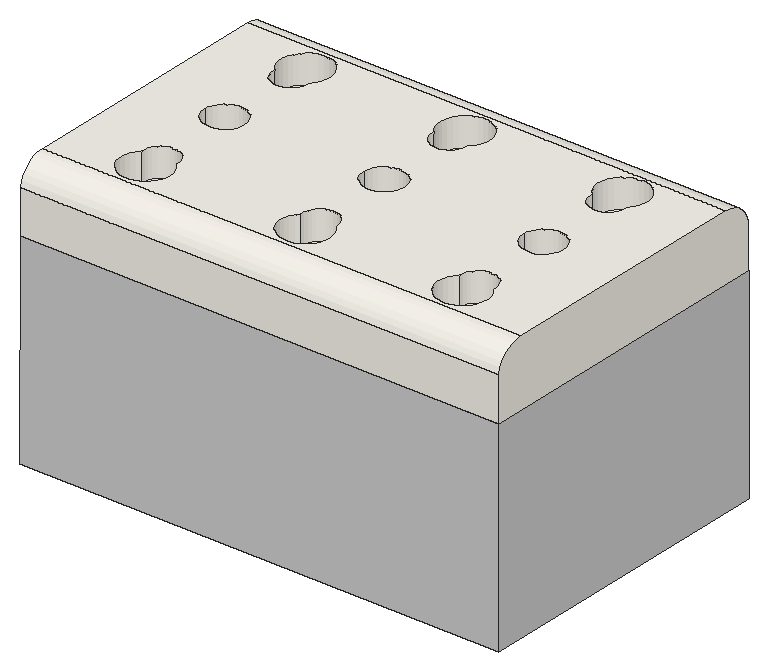
Revit family "Domotics-DomesticRanges-GEWISS-CHORUS_POWER-SOCKET-OUTLET_ITA_3xP11P17_16A", category Apparecchi elettrici, host Superficie, Revit 2016
Family settings
  Host = Superficie
  Mantenere orientamento annotazione = Sì
  Tipo di parte = Normale
  Quota connettore circolare = Usa diametro
  Numero OmniClass = 23.80.50.14
  Titolo OmniClass = Plug Connectors
  Taglio con vuoti quando caricato = Sì
  Condiviso = Sì
  Punto di calcolo locali = Sì
Parameters (values of type "GW14209 - Titanium")
  Wiring terminals = "With screw"
  Voltage: = "250 V ac"
  Voltage = "250 V ac"
  Volt = 230 V
  Vista di pianta [instance] = yes
  Version file RFA = "19.0"
  URL = "https://www.gewiss.com/ww/en"
  Tipo = CHORUS PRESE TRIPLE ITA P11-17 16A_BASE : TITANIO
  Thermo-pressure with ball = "125 °C"
  Terminal tightening capacity rigid cables (mm2) = "min. 0,5 - max. 2x2,5"
  Terminal tightening capacity flexible cables (mm2) = "min. 0,75 - max. 2x4"
  Terminal grip on cable traction = "> 50 N"
  Technical sheet = "https://www.gewiss.com/ww/en/search?q=GW14209"
  Standard; = "IEC 60884-1"
  Standard: = "English"
  Standard = "English"
  Socket-out type = "P11-P17"
  Simbolo = SIMBOLO PRESE TRIPLE : PRESA TRIPLA
  SIMBOLO [instance] = yes
  SEO = "Socket outlet"
  Resistance at test voltage = "2000 V at 50 Hz for 1 minute"
  Realized by GEWISS S.p.A. = ""
  Prolonged operation (no.of position changes) = "10.000 at In 250 V ac cosØ=0,8"
  Produttore = "GEWISS S.p.A."
  No. Chorus modules: = "3"
  No. Chorus modules = "3"
  N. poli = 1
  Modello = "GW14209"
  Larghezza presa = 69 mm
  Insulation resistance = "> 5 MOhm"
  IFC.TypeObject = ""
  IFC.ExportType = ""
  IFC.ExportAs = ""
  Offset presa [instance] = 0 mm
  Offset bidimensionale [instance] = 2 mm
  IDT = "509edcbc-8745-4f75-b27e-7ee1dae8fffa"
  IDF = "f29b0997-185e-4d91-b09a-3b50a3e9a6bf"
  Glow Wire Test = "850°C"
  For plug pins = "Ø 4 / 5 mm"
  Electrocod = "0131"
  EAN code = "8011564266346"
  Distanza_x [instance] = 0 mm
  Distanza_effettiva_x [instance] = 1500 mm - Distanza_x  # 1500 mm
  Default Elevation = 1219.2 mm
  Immagine tipo = GW14209.jpg
  Descrizione = "TRIP SOCKET 2P+E 16A P17-11 D.AM IT ST T"
  Description: = "3x2P+E - 16A Dual amperage"
  Description. = "Triple socket-outlet"
  Colour = "Titanium"
  Characteristics = "With safety shields"
  Category = "Triple socket-outlet"
  Catalogue Range = "CHORUS - DOMESTIC RANGE"
  Catalogue = "DOMOTICS"
  Carico apparente = 0 VA
  COBie.Tagnumber = ""
  COBie.CreatedOn = ""
  COBie.CreatebBy = ""
  COBie.ComponentRegisterItemID = ""
  COBie.Component.TagNumber = ""
  COBie.Component.Space = ""
  COBie.Component.SerialNumber = ""
  COBie.Component.InstallationDate = ""
  COBie.Component.Description = ""
  COBie.Component.BarCode = ""
  Breaking capacity: = "1.25 In (100 position changes)"
Types (3, lengths in mm): name | Tipo | Technical sheet | Modello | IDT | EAN code | Immagine tipo | Descrizione | Colour
  GW10209 - White | CHORUS PRESE TRIPLE ITA P11-17 16A_BASE : BIANCO | "https://www.gewiss.com/ww/en/search?q=GW10209" | "GW10209" | "0ef53e19-31a8-48ab-93ec-9b3d2f6066a9" | "8011564259874" | GW10209.jpg | "3XS. OUT. 2P+E 16A P17-11 D.AM IT WH" | "White"
  GW12209 - Black | CHORUS PRESE TRIPLE ITA P11-17 16A_BASE : NERO | "https://www.gewiss.com/ww/en/search?q=GW12209" | "GW12209" | "8b1ac8d4-9cb1-46a7-8d1d-787a9cf351ab" | "8011564269514" | GW12209.jpg | "TRIP SOC, 2P+E 16A P17-11 D.AM IT/G ST B" | "Black"
  GW14209 - Titanium | CHORUS PRESE TRIPLE ITA P11-17 16A_BASE : TITANIO | "https://www.gewiss.com/ww/en/search?q=GW14209" | "GW14209" | "509edcbc-8745-4f75-b27e-7ee1dae8fffa" | "8011564266346" | GW14209.jpg | "TRIP SOCKET 2P+E 16A P17-11 D.AM IT ST T" | "Titanium"
Reference planes
  plane 1 "Centro (Fronte/Retro)": y = 0
  plane 2: z = 0
  plane 3 "Centro (Sinistra/Destra)": x = 0
  plane 4: z = 0
  plane 5 "piano bidimensionale": z = 41
  plane 6: x = -34.5
  plane 7: x = 34.5
  plane 8: z = 39
  plane 9: x = -1500
  plane 10: x = 0
Lines and regions (mm)
  Masking region 1, visible <- "Vista di pianta"
    outline origin (0, 0, 0) x (1, 0, 0) y (0, 0, 1)
      loop
        line (-34.5, 39) -> (-34.5, 0) -> (34.5, 0) -> (34.5, 39) -> (-34.5, 39)
  Masking region 2, visible <- "Vista di pianta"
    outline origin (0, 0, 41) x (0, -1, 0) y (1, 0, 0)
      loop
        line (-22.5, 34.5) -> (-22.5, -34.5) -> (22.5, -34.5) -> (22.5, 34.5) -> (-22.5, 34.5)
      loop
        arc (11.852, -20.427) -> (9.23, -22.995) -> (11.994, -25.41) r 2.5
        arc (11.994, -25.41) -> (17.963, -22.746) -> (11.852, -20.427) r 3.536
      loop
        circle (0, -23) r 2.942
      loop
        arc (-11.994, -25.41) -> (-9.23, -22.995) -> (-11.852, -20.427) r 2.5
        arc (-11.852, -20.427) -> (-17.963, -22.746) -> (-11.994, -25.41) r 3.536
      loop
        arc (-11.852, 2.573) -> (-17.963, 0.254) -> (-11.994, -2.41) r 3.536
        arc (-11.994, -2.41) -> (-9.23, 0.005) -> (-11.852, 2.573) r 2.5
      loop
        circle (0, 0) r 2.942
      loop
        arc (11.852, 2.573) -> (9.23, 0.005) -> (11.994, -2.41) r 2.5
        arc (11.994, -2.41) -> (17.963, 0.254) -> (11.852, 2.573) r 3.536
      loop
        arc (-11.994, 25.41) -> (-17.963, 22.746) -> (-11.852, 20.427) r 3.536
        arc (-11.852, 20.427) -> (-9.23, 22.995) -> (-11.994, 25.41) r 2.5
      loop
        circle (0, 23) r 2.942
      loop
        arc (11.994, 25.41) -> (9.23, 22.995) -> (11.852, 20.427) r 2.5
        arc (11.852, 20.427) -> (17.963, 22.746) -> (11.994, 25.41) r 3.536
  Masking region 3, visible <- "Vista di pianta"
    outline origin (0, 0, 0) x (0, 1, 0) y (0, 0, 1)
      loop
        line (22.5, 0) -> (22.5, 39) -> (-22.5, 39) -> (-22.5, 0) -> (22.5, 0)
  model lines, style "pulsanti", detail levels coarse
    curve 1: line (34.5, -22.5, 41) -> (-34.5, -22.5, 41)
    curve 2: line (-34.5, -22.5, 41) -> (-34.5, 22.5, 41)
    curve 3: line (-34.5, 22.5, 41) -> (34.5, 22.5, 41)
    curve 4: line (34.5, 22.5, 41) -> (34.5, -22.5, 41)
    curve 5: arc (-25.41, -11.994, 41) -> (-22.746, -17.963, 41) -> (-20.427, -11.852, 41) r 3.536
    curve 6: arc (-20.427, -11.852, 41) -> (-22.995, -9.23, 41) -> (-25.41, -11.994, 41) r 2.5
    curve 7: arc (-20.058, 0, 41) -> (-23, -2.942, 41) -> (-25.942, 0, 41) r 2.942
    curve 8: arc (-25.942, 0, 41) -> (-23, 2.942, 41) -> (-20.058, 0, 41) r 2.942
    curve 9: arc (-20.427, 11.852, 41) -> (-22.746, 17.963, 41) -> (-25.41, 11.994, 41) r 3.536
    curve 10: arc (-25.41, 11.994, 41) -> (-22.995, 9.23, 41) -> (-20.427, 11.852, 41) r 2.5
    curve 11: arc (2.942, 0, 41) -> (0, -2.942, 41) -> (-2.942, 0, 41) r 2.942
    curve 12: arc (-2.942, 0, 41) -> (0, 2.942, 41) -> (2.942, 0, 41) r 2.942
    curve 13: arc (2.573, -11.852, 41) -> (0.005, -9.23, 41) -> (-2.41, -11.994, 41) r 2.5
    curve 14: arc (-2.41, -11.994, 41) -> (0.254, -17.963, 41) -> (2.573, -11.852, 41) r 3.536
    curve 15: arc (2.573, 11.852, 41) -> (0.254, 17.963, 41) -> (-2.41, 11.994, 41) r 3.536
    curve 16: arc (-2.41, 11.994, 41) -> (0.005, 9.23, 41) -> (2.573, 11.852, 41) r 2.5
    curve 17: arc (25.41, -11.994, 41) -> (22.995, -9.23, 41) -> (20.427, -11.852, 41) r 2.5
    curve 18: arc (20.427, -11.852, 41) -> (22.746, -17.963, 41) -> (25.41, -11.994, 41) r 3.536
    curve 19: arc (25.942, 0, 41) -> (23, -2.942, 41) -> (20.058, 0, 41) r 2.942
    curve 20: arc (25.942, 0, 41) -> (23, 2.942, 41) -> (20.058, 0, 41) r 2.942
    curve 21: arc (25.41, 11.994, 41) -> (22.746, 17.963, 41) -> (20.427, 11.852, 41) r 3.536
    curve 22: arc (20.427, 11.852, 41) -> (22.995, 9.23, 41) -> (25.41, 11.994, 41) r 2.5
  model lines, style "pulsanti", not visible, detail levels coarse
    curve 23: line (34.5, -22.5, 60) -> (-34.5, -22.5, 60)
    curve 24: line (-34.5, -22.5, 60) -> (-34.5, 22.5, 60)
    curve 25: line (-34.5, 22.5, 60) -> (34.5, 22.5, 60)
    curve 26: line (34.5, 22.5, 60) -> (34.5, -22.5, 60)
    curve 27: arc (-25.41, -11.994, 60) -> (-22.746, -17.963, 60) -> (-20.427, -11.852, 60) r 3.536
    curve 28: arc (-20.427, -11.852, 60) -> (-22.995, -9.23, 60) -> (-25.41, -11.994, 60) r 2.5
    curve 29: arc (-20.058, 0, 60) -> (-23, -2.942, 60) -> (-25.942, 0, 60) r 2.942
    curve 30: arc (-25.942, 0, 60) -> (-23, 2.942, 60) -> (-20.058, 0, 60) r 2.942
    curve 31: arc (-20.427, 11.852, 60) -> (-22.746, 17.963, 60) -> (-25.41, 11.994, 60) r 3.536
    curve 32: arc (-25.41, 11.994, 60) -> (-22.995, 9.23, 60) -> (-20.427, 11.852, 60) r 2.5
    curve 33: arc (2.942, 0, 60) -> (0, -2.942, 60) -> (-2.942, 0, 60) r 2.942
    curve 34: arc (-2.942, 0, 60) -> (0, 2.942, 60) -> (2.942, 0, 60) r 2.942
    curve 35: arc (2.573, -11.852, 60) -> (0.005, -9.23, 60) -> (-2.41, -11.994, 60) r 2.5
    curve 36: arc (-2.41, -11.994, 60) -> (0.254, -17.963, 60) -> (2.573, -11.852, 60) r 3.536
    curve 37: arc (2.573, 11.852, 60) -> (0.254, 17.963, 60) -> (-2.41, 11.994, 60) r 3.536
    curve 38: arc (-2.41, 11.994, 60) -> (0.005, 9.23, 60) -> (2.573, 11.852, 60) r 2.5
    curve 39: arc (25.41, -11.994, 60) -> (22.995, -9.23, 60) -> (20.427, -11.852, 60) r 2.5
    curve 40: arc (20.427, -11.852, 60) -> (22.746, -17.963, 60) -> (25.41, -11.994, 60) r 3.536
    curve 41: arc (25.942, 0, 60) -> (23, -2.942, 60) -> (20.058, 0, 60) r 2.942
    curve 42: arc (25.942, 0, 60) -> (23, 2.942, 60) -> (20.058, 0, 60) r 2.942
    curve 43: arc (25.41, 11.994, 60) -> (22.746, 17.963, 60) -> (20.427, 11.852, 60) r 3.536
    curve 44: arc (20.427, 11.852, 60) -> (22.995, 9.23, 60) -> (25.41, 11.994, 60) r 2.5
Dimensions and locks
  "Offset presa": plane 4 to host face
  equal spacing: plane 6, plane 3 "Centro (Sinistra/Destra)", plane 7
  "Larghezza presa": plane 6 to plane 7
  locked: plane 8 to plane 4 at 39
  plane 9 to plane 3 "Centro (Sinistra/Destra)" = 1500 mm
  "Distanza_effettiva_x": plane 9 to plane 10
  "Offset bidimensionale": plane 5 "piano bidimensionale" to plane 8
  aligned and locked: plane 2 to host face
  aligned and locked: level to host face
  aligned and locked: nested 1 to plane 4  (x3)
  aligned and locked: plane 6 to Masking region 1 sketch curve
  aligned and locked: plane 4 to Masking region 1 sketch curve
  aligned and locked: Masking region 1 sketch curve to plane 8
  aligned and locked: plane 10 to nested 2
  aligned and locked: Masking region 2 sketch curve to nested 1  (x2)
  aligned and locked: Masking region 1 to plane 4
  aligned and locked: plane 5 "piano bidimensionale" to curve 1
  aligned and locked: Masking region 3 sketch curve to plane 8
  aligned and locked: plane 4 to Masking region 3 sketch curve
  aligned and locked: Masking region 3 to plane 4
Automatic sketch dimensions
  host sketch curve to host sketch curve = 2438.4 mm  (x2)
  curve 9 to curve 15 = 0 mm
  curve 15 to curve 21 = 0 mm
  curve 10 to curve 8 = 11.729 mm
  curve 22 to curve 20 = 11.729 mm
  curve 16 to curve 12 = 11.729 mm
  curve 19 to curve 17 = 11.729 mm
  curve 7 to curve 6 = 11.729 mm
  curve 11 to curve 13 = 11.729 mm
  curve 7 to curve 6 = 0.076 mm
  curve 7 to curve 10 = 0.076 mm
  curve 6 to curve 5 = 0.077 mm
  curve 10 to curve 9 = 0.077 mm
  curve 7 to curve 12 = 23 mm
  curve 11 to curve 13 = 0.076 mm
  curve 11 to curve 16 = 0.076 mm
  curve 13 to curve 14 = 0.077 mm
  curve 16 to curve 15 = 0.077 mm
  curve 14 to curve 18 = 22.694 mm
  curve 15 to curve 21 = 22.694 mm
  curve 21 to curve 22 = 0.077 mm
  curve 18 to curve 17 = 0.077 mm
  curve 22 to curve 19 = 0.076 mm
  curve 3 to curve 21 = 8.071 mm
  curve 21 to curve 22 = 0.265 mm
  curve 16 to curve 16 = 0.265 mm
  curve 10 to curve 10 = 0.265 mm
  curve 15 to curve 16 = 0.123 mm
  curve 21 to curve 22 = 0.123 mm
  curve 10 to curve 10 = 0.123 mm
  curve 6 to curve 6 = 0.123 mm
  curve 13 to curve 14 = 0.123 mm
  curve 17 to curve 17 = 0.123 mm
  curve 17 to curve 18 = 0.265 mm
  curve 6 to curve 5 = 0.265 mm
  curve 13 to curve 13 = 0.265 mm
  curve 5 to curve 2 = 10.506 mm
  curve 6 to curve 6 = 2.486 mm
  curve 10 to curve 10 = 2.486 mm
  curve 7 to curve 7 = 2.942 mm
  curve 3 to curve 9 = 9.09 mm
  curve 12 to curve 11 = 2.942 mm
  curve 16 to curve 16 = 2.486 mm
  curve 13 to curve 13 = 2.486 mm
  curve 19 to curve 19 = 2.942 mm
  curve 21 to curve 22 = 2.497 mm
  curve 18 to curve 17 = 2.497 mm
  curve 21 to curve 4 = 9.09 mm
  curve 7 to curve 8 = 0 mm  (x2)
  curve 11 to curve 12 = 0 mm  (x2)
  curve 19 to curve 20 = 0 mm  (x2)
  curve 31 to curve 37 = 0 mm
  curve 37 to curve 43 = 0 mm
  curve 32 to curve 30 = 11.729 mm
  curve 44 to curve 42 = 11.729 mm
  curve 38 to curve 34 = 11.729 mm
  curve 41 to curve 39 = 11.729 mm
  curve 29 to curve 28 = 11.729 mm
  curve 33 to curve 35 = 11.729 mm
  curve 29 to curve 28 = 0.076 mm
  curve 29 to curve 32 = 0.076 mm
  curve 28 to curve 27 = 0.077 mm
  curve 32 to curve 31 = 0.077 mm
  curve 29 to curve 34 = 23 mm
  curve 33 to curve 35 = 0.076 mm
  curve 33 to curve 38 = 0.076 mm
  curve 35 to curve 36 = 0.077 mm
  curve 38 to curve 37 = 0.077 mm
  curve 36 to curve 40 = 22.694 mm
  curve 37 to curve 43 = 22.694 mm
  curve 43 to curve 44 = 0.077 mm
  curve 40 to curve 39 = 0.077 mm
  curve 44 to curve 41 = 0.076 mm
  curve 25 to curve 43 = 8.071 mm
  curve 43 to curve 44 = 0.265 mm
  curve 38 to curve 38 = 0.265 mm
  curve 32 to curve 32 = 0.265 mm
  curve 37 to curve 38 = 0.123 mm
  curve 43 to curve 44 = 0.123 mm
  curve 32 to curve 32 = 0.123 mm
  curve 28 to curve 28 = 0.123 mm
  curve 35 to curve 36 = 0.123 mm
  curve 39 to curve 39 = 0.123 mm
  curve 39 to curve 40 = 0.265 mm
  curve 28 to curve 27 = 0.265 mm
  curve 35 to curve 35 = 0.265 mm
  curve 27 to curve 24 = 10.506 mm
  curve 28 to curve 28 = 2.486 mm
  curve 32 to curve 32 = 2.486 mm
  curve 29 to curve 29 = 2.942 mm
  curve 25 to curve 31 = 9.09 mm
  curve 34 to curve 33 = 2.942 mm
  curve 38 to curve 38 = 2.486 mm
  curve 35 to curve 35 = 2.486 mm
  curve 41 to curve 41 = 2.942 mm
  curve 43 to curve 44 = 2.497 mm
  curve 40 to curve 39 = 2.497 mm
  curve 43 to curve 26 = 9.09 mm
  curve 29 to curve 30 = 0 mm  (x2)
  curve 33 to curve 34 = 0 mm  (x2)
  curve 41 to curve 42 = 0 mm  (x2)
  Masking region 1 sketch curve to plane 7 = 0 mm
  plane 1 "Centro (Fronte/Retro)" to Masking region 2 sketch curve = 11.729 mm  (x3)
  Masking region 2 sketch curve to Masking region 2 sketch curve = 2.701 mm  (x6)
  plane 6 to Masking region 2 sketch curve = 11.576 mm  (x2)
  Masking region 2 sketch curve to Masking region 2 sketch curve = 0.077 mm  (x4)
  Masking region 2 sketch curve to Masking region 2 sketch curve = 0.123 mm  (x6)
  Masking region 2 sketch curve to Masking region 2 sketch curve = 0.265 mm  (x5)
  plane 1 "Centro (Fronte/Retro)" to Masking region 2 sketch curve = 0 mm  (x3)
  plane 6 to Masking region 2 sketch curve = 11.5 mm
  Masking region 2 sketch curve to Masking region 2 sketch curve = 2.942 mm  (x3)
  Masking region 2 sketch curve to Masking region 2 sketch curve = 8.071 mm  (x2)
  plane 3 "Centro (Sinistra/Destra)" to Masking region 2 sketch curve = 0.153 mm  (x2)
  Masking region 2 sketch curve to plane 1 "Centro (Fronte/Retro)" = 14.429 mm  (x2)
  plane 3 "Centro (Sinistra/Destra)" to Masking region 2 sketch curve = 0.076 mm  (x2)
  Masking region 2 sketch curve to plane 3 "Centro (Sinistra/Destra)" = 0 mm
  Masking region 2 sketch curve to plane 3 "Centro (Sinistra/Destra)" = 2.41 mm
  Masking region 2 sketch curve to plane 7 = 11.653 mm  (x2)
  Masking region 2 sketch curve to plane 7 = 11.5 mm
  Masking region 2 sketch curve to Masking region 2 sketch curve = 10.506 mm
  plane 1 "Centro (Fronte/Retro)" to Masking region 3 sketch curve = 22.5 mm
  Masking region 3 sketch curve to plane 1 "Centro (Fronte/Retro)" = 22.5 mm
Nested families
  nested 1: "CHORUS PRESE TRIPLE ITA P11-17 16A_BASE" at (0, 0, 0), type <- "Tipo", type "TITANIO", detail levels medium+fine
  nested 2: "SIMBOLO PRESE TRIPLE" at (0, 100, 0), type <- "Simbolo", SIMBOLO <- "SIMBOLO", visible <- "SIMBOLO", type "PRESA TRIPLA"
    with TESTO ELETTRICO "10/16", Distanza dal muro 4.208 mm, BORDO ACCESO yes
Connectors
  electrical at (0, 0, 0), driven by "N. poli", driven by "Volt", driven by "Carico apparente"
    settings: on nested 1, index 1, voltage 230 V, apparent load 0 VA, apparent load phase1 0 VA, apparent load phase2 0 VA, apparent load phase3 0 VA, power factor 1, load classification "Other", number of poles 1, system type 31, power factor state 1, is connector primary yes, connector utility no, sub classification motor no, connector description ""
Definition of nested family "CHORUS PRESE TRIPLE ITA P11-17 16A_BASE"
  Parameters (values of type "BIANCO")
    Simbolo accensione = none
    Supporto = none
    Pulsante = none
    Profondità suporto = 15.673 mm
    Larghezza pulsante = 69 mm  # constant formula
    Bidimensionale = 36.414 mm
    Altezza pulsante = 45 mm
  Types (3): name
    NERO
    TITANIO
    BIANCO
  Reference planes
    plane 1 "Centro (Fronte/Retro)": y = 0
    plane 2: z = 0
    plane 3 "Centro (Sinistra/Destra)": x = 0
    plane 4: y = -22.5
    plane 5: y = 22.5
    plane 6: x = -34.5
    plane 7: x = 34.5
    plane 8: z = 29.457
    plane 9 "PIANO BIDIMENSIONALE": z = 36.414
    plane 10: z = 39
    plane 11: z = 34.875
  Forms (mm)
    Extrusion 1, solid, material <- "Supporto"
      sketch origin (0, 0, 0) x (0, 1, 0) y (0, 0, 1)
        loop
          line (-22.5, 0) -> (22.5, 0) -> (22.5, 29.457) -> (-22.5, 29.457) -> (-22.5, 0)
      from -34.5 to 34.5
    Extrusion 2, solid, material <- "Pulsante"
      sketch origin (0, 0, 0) x (0, 1, 0) y (0, 0, 1)
        loop
          line (22.5, 29.457) -> (22.5, 35.737)
          arc (22.5, 35.737) -> (21.06, 38.082) -> (18.466, 39) r 4.125
          line (18.466, 39) -> (-18.466, 39)
          arc (-18.466, 39) -> (-21.06, 38.082) -> (-22.5, 35.737) r 4.125
          line (-22.5, 35.737) -> (-22.5, 29.457) -> (22.5, 29.457)
      from -34.5 to 34.5
    Extrusion 3, void
      sketch origin (0, 0, 36.414) x (-1, 0, 0) y (0, -1, 0)
        loop
          arc (-2.573, -11.852) -> (-0.254, -17.963) -> (2.41, -11.994) r 3.536
          arc (2.41, -11.994) -> (-0.005, -9.23) -> (-2.573, -11.852) r 2.5
        loop
          circle (0, 0) r 2.942
        loop
          arc (-2.573, 11.852) -> (-0.005, 9.23) -> (2.41, 11.994) r 2.5
          arc (2.41, 11.994) -> (-0.254, 17.963) -> (-2.573, 11.852) r 3.536
        loop
          arc (25.41, -11.994) -> (22.995, -9.23) -> (20.427, -11.852) r 2.5
          arc (20.427, -11.852) -> (22.746, -17.963) -> (25.41, -11.994) r 3.536
        loop
          circle (23, 0) r 2.942
        loop
          arc (25.41, 11.994) -> (22.746, 17.963) -> (20.427, 11.852) r 3.536
          arc (20.427, 11.852) -> (22.995, 9.23) -> (25.41, 11.994) r 2.5
        loop
          arc (-25.41, -11.994) -> (-22.746, -17.963) -> (-20.427, -11.852) r 3.536
          arc (-20.427, -11.852) -> (-22.995, -9.23) -> (-25.41, -11.994) r 2.5
        loop
          circle (-23, 0) r 2.942
        loop
          arc (-25.41, 11.994) -> (-22.995, 9.23) -> (-20.427, 11.852) r 2.5
          arc (-20.427, 11.852) -> (-22.746, 17.963) -> (-25.41, 11.994) r 3.536
      from -1.539 to 4.252
  Cuts and joins
    Extrusion 3 cuts Extrusion 2
  Lines and regions (mm)
    Masking region 1
      outline origin (0, 0, 36.414) x (-1, 0, 0) y (0, -1, 0)
        loop
          line (34.5, -22.5) -> (34.5, 22.5) -> (-34.5, 22.5) -> (-34.5, -22.5) -> (34.5, -22.5)
        loop
          arc (20.427, -11.852) -> (22.746, -17.963) -> (25.41, -11.994) r 3.536
          arc (25.41, -11.994) -> (22.995, -9.23) -> (20.427, -11.852) r 2.5
        loop
          circle (23, 0) r 2.942
        loop
          arc (25.41, 11.994) -> (22.746, 17.963) -> (20.427, 11.852) r 3.536
          arc (20.427, 11.852) -> (22.995, 9.23) -> (25.41, 11.994) r 2.5
        loop
          arc (-2.573, -11.852) -> (-0.254, -17.963) -> (2.41, -11.994) r 3.536
          arc (2.41, -11.994) -> (-0.005, -9.23) -> (-2.573, -11.852) r 2.5
        loop
          circle (0, 0) r 2.942
        loop
          arc (-2.573, 11.852) -> (-0.005, 9.23) -> (2.41, 11.994) r 2.5
          arc (2.41, 11.994) -> (-0.254, 17.963) -> (-2.573, 11.852) r 3.536
        loop
          arc (-20.427, -11.852) -> (-22.995, -9.23) -> (-25.41, -11.994) r 2.5
          arc (-25.41, -11.994) -> (-22.746, -17.963) -> (-20.427, -11.852) r 3.536
        loop
          circle (-23, 0) r 2.942
        loop
          arc (-25.41, 11.994) -> (-22.995, 9.23) -> (-20.427, 11.852) r 2.5
          arc (-20.427, 11.852) -> (-22.746, 17.963) -> (-25.41, 11.994) r 3.536
  Dimensions and locks
    equal spacing: plane 4, plane 1 "Centro (Fronte/Retro)", plane 5
    plane 4 to plane 5 = 45 mm
    equal spacing: plane 6, plane 3 "Centro (Sinistra/Destra)", plane 7
    "Larghezza pulsante": plane 6 to plane 7
    equal spacing: plane 5, plane 1 "Centro (Fronte/Retro)", plane 4
    "Altezza pulsante": plane 5 to plane 4
    "Bidimensionale": plane 9 "PIANO BIDIMENSIONALE" to level
    level to plane 10 = 39 mm
    locked: plane 11 to plane 10 at 4.125
    locked: plane 8 to plane 10 at 9.543
    aligned and locked: level to plane 2
    aligned and locked: Extrusion 1 sketch curve to plane 4
    aligned and locked: plane 5 to Extrusion 1 sketch curve
    aligned and locked: Extrusion 1 sketch curve to plane 2
    aligned and locked: Extrusion 1 to plane 6
    aligned and locked: plane 7 to Extrusion 1
    aligned and locked: plane 7 to Extrusion 2
    aligned and locked: Extrusion 2 to plane 6
    aligned and locked: Extrusion 3 to plane 11
    aligned and locked: Extrusion 2 sketch curve to plane 10
    aligned and locked: cut or joined group of Extrusion 2, Extrusion 3 to plane 10
    aligned and locked: cut or joined group of Extrusion 2, Extrusion 3 to plane 11
    aligned and locked: plane 8 to cut or joined group of Extrusion 2, Extrusion 3
    aligned and locked: Extrusion 1 to plane 8  (x2)
    aligned and locked: plane 11 to cut or joined group of Extrusion 2, Extrusion 3
  Automatic sketch dimensions
    Masking region 1 sketch curve to Masking region 1 sketch curve = 0 mm  (x4)
    Masking region 1 sketch curve to plane 5 = 0 mm
    Masking region 1 sketch curve to plane 7 = 0 mm
    plane 1 "Centro (Fronte/Retro)" to Masking region 1 sketch curve = 0 mm  (x3)
    Masking region 1 sketch curve to plane 3 "Centro (Sinistra/Destra)" = 0 mm
    Masking region 1 sketch curve to plane 6 = 0 mm
    Masking region 1 sketch curve to plane 4 = 0 mm
    Masking region 1 sketch curve to plane 7 = 11.5 mm
    Masking region 1 sketch curve to plane 7 = 11.576 mm  (x2)
    Masking region 1 sketch curve to Masking region 1 sketch curve = 0.077 mm  (x4)
    plane 3 "Centro (Sinistra/Destra)" to Masking region 1 sketch curve = 0.153 mm  (x2)
    plane 3 "Centro (Sinistra/Destra)" to Masking region 1 sketch curve = 0.076 mm  (x2)
    Masking region 1 sketch curve to plane 5 = 8.071 mm  (x3)
    plane 6 to Masking region 1 sketch curve = 11.653 mm  (x2)
    plane 4 to Masking region 1 sketch curve = 8.071 mm
    plane 6 to Masking region 1 sketch curve = 11.5 mm
    Masking region 1 sketch curve to Masking region 1 sketch curve = 2.701 mm  (x6)
    plane 4 to Masking region 1 sketch curve = 10.771 mm  (x2)
    Masking region 1 sketch curve to Masking region 1 sketch curve = 2.942 mm  (x2)
    Masking region 1 sketch curve to Masking region 1 sketch curve = 2.486 mm  (x4)
    Masking region 1 sketch curve to Masking region 1 sketch curve = 2.497 mm  (x6)
    Masking region 1 sketch curve to plane 3 "Centro (Sinistra/Destra)" = 2.41 mm  (x2)
    Extrusion 3 sketch curve to Extrusion 3 sketch curve = 0 mm  (x4)
    plane 1 "Centro (Fronte/Retro)" to Extrusion 3 sketch curve = 0 mm  (x3)
    Extrusion 3 sketch curve to plane 3 "Centro (Sinistra/Destra)" = 0 mm
    plane 3 "Centro (Sinistra/Destra)" to Extrusion 3 sketch curve = 0.076 mm  (x2)
    plane 3 "Centro (Sinistra/Destra)" to Extrusion 3 sketch curve = 0.153 mm  (x2)
    Extrusion 3 sketch curve to plane 7 = 11.653 mm  (x2)
    Extrusion 3 sketch curve to plane 5 = 8.071 mm  (x3)
    Extrusion 3 sketch curve to Extrusion 3 sketch curve = 0.077 mm  (x4)
    Extrusion 3 sketch curve to plane 7 = 11.5 mm
    plane 6 to Extrusion 3 sketch curve = 11.653 mm  (x2)
    plane 6 to Extrusion 3 sketch curve = 11.5 mm
    Extrusion 3 sketch curve to Extrusion 3 sketch curve = 2.701 mm  (x6)
    plane 4 to Extrusion 3 sketch curve = 10.771 mm  (x3)
    Extrusion 3 sketch curve to Extrusion 3 sketch curve = 2.497 mm  (x6)
    Extrusion 3 sketch curve to Extrusion 3 sketch curve = 2.942 mm  (x2)
    Extrusion 3 sketch curve to Extrusion 3 sketch curve = 2.486 mm  (x4)
    Extrusion 3 sketch curve to plane 3 "Centro (Sinistra/Destra)" = 2.41 mm  (x2)
    plane 8 to Extrusion 1 sketch curve = 0 mm
    Extrusion 2 sketch curve to plane 4 = 0 mm
    Extrusion 2 sketch curve to plane 11 = 0 mm  (x2)
    Extrusion 2 sketch curve to plane 5 = 0 mm
    plane 8 to Extrusion 2 sketch curve = 0 mm
    Extrusion 2 sketch curve to Extrusion 2 sketch curve = 4.034 mm  (x2)
    radius of Masking region 1 sketch curve = 2.942 mm
    radius of Extrusion 3 sketch curve = 2.942 mm
Definition of nested family "SIMBOLO PRESE TRIPLE"
  Parameters (values of type "PRESA TRIPLA")
    TESTO ELETTRICO [instance] = "TXT"
    Simbolo = SIMBOLO PRESE TRIPLE_BASE : PRESA TRIPLA
    SIMBOLO [instance] = yes
    Distanza dal muro [instance] = 4.208 mm
    BORDO ACCESO [instance] = yes
  Reference planes
    plane 1: y = 0
    plane 2: x = 0
  Dimensions and locks
    aligned and locked: plane 2 to nested 1
    aligned and locked: plane 1 to nested 1
  Nested families
    nested 1: "SIMBOLO PRESE TRIPLE_BASE" at (0, 0, 0), TESTO ELETTRICO <- "TESTO ELETTRICO", BORDO ACCESO <- "BORDO ACCESO", type <- "Simbolo", visible <- "SIMBOLO", type "PRESA TRIPLA"
      with TESTO ELETTRICO "TXT", BORDO ACCESO yes
  Definition of nested family "SIMBOLO PRESE TRIPLE_BASE"
    Parameters (values of type "PRESA TRIPLA")
      TESTO ELETTRICO [instance] = "TXT"
      Distanza dal muro = 4.208 mm
      BORDO ACCESO [instance] = yes
    Reference planes
      plane 1: y = 0
      plane 2: x = 0
    Lines and regions (mm)
      detail lines, visible <- "BORDO ACCESO", not visible
        curve 1: line (-1.743, 9.208, 0) -> (2.057, 9.208, 0)
        curve 2: line (2.057, 9.208, 0) -> (2.057, 4.208, 0)
        curve 3: line (2.057, 4.208, 0) -> (-1.743, 4.208, 0)
        curve 4: line (-1.743, 4.208, 0) -> (-1.743, 9.208, 0)
        curve 5: line (-1.543, 9.008, 0) -> (1.857, 9.008, 0)
        curve 6: line (1.857, 9.008, 0) -> (1.857, 4.408, 0)
        curve 7: line (1.857, 4.408, 0) -> (-1.543, 4.408, 0)
        curve 8: line (-1.543, 4.408, 0) -> (-1.543, 9.008, 0)
      detail lines
        curve 9: line (0.272, 1.265, 0) -> (-0.272, 1.265, 0)
        curve 10: line (0, 1.265, 0) -> (0, 0.993, 0)
        curve 11: arc (-0.272, 1.537, 0) -> (0, 1.265, 0) -> (0.272, 1.537, 0) r 0.272
        curve 12: line (-0.866, 1.265, 0) -> (-0.322, 1.265, 0)
        curve 13: line (-0.594, 1.265, 0) -> (-0.594, 0.993, 0)
        curve 14: arc (-0.322, 1.537, 0) -> (-0.594, 1.265, 0) -> (-0.866, 1.537, 0) r 0.272
        curve 15: line (0.866, 1.265, 0) -> (0.322, 1.265, 0)
        curve 16: line (0.594, 1.265, 0) -> (0.594, 0.993, 0)
        curve 17: arc (0.322, 1.537, 0) -> (0.594, 1.265, 0) -> (0.866, 1.537, 0) r 0.272
    Text (mm)
      label "TXT" at (-0.59, 1.484, 0), shows "TESTO ELETTRICO"
      label "TXT" at (0.012, 1.484, 0), shows "TESTO ELETTRICO"
      label "TXT" at (0.607, 1.484, 0), shows "TESTO ELETTRICO"
